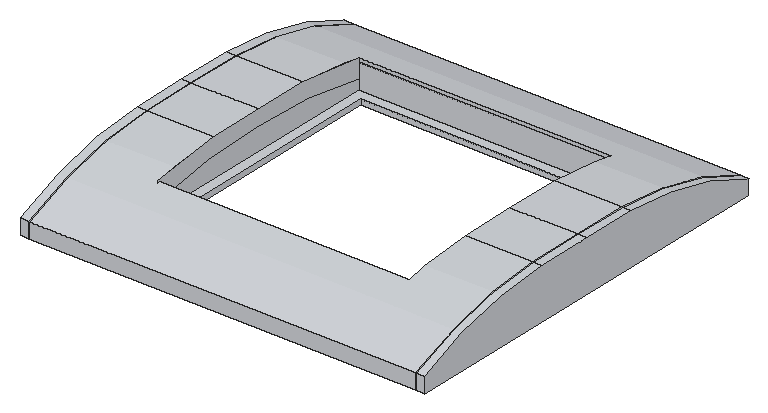
Revit family "Gira_1002326", category Electrical Fixtures, host Face, Revit 2017
Family settings
  Host = Face
  Maintain Annotation Orientation = No
  Round Connector Dimension = Use Diameter
  Part Type = Normal
  Cut with Voids When Loaded = No
  Shared = No
  Room Calculation Point = No
Parameters (values of type "Abdeckrahmen 2f o.M. Zwischenr. RW Gira Event F Alu")
  Werkstoffgüte = "Thermoplast"
  Werkstoff = "Kunststoff"
  URL = "http://katalog.gira.de/de_DE/datenblatt.html?artikelnr=1002326"
  Transparent = "No"
  Textfeld/Beschriftungsfläche = "No"
  Schutzart (IP) = "IP20"
  Region = "DE"
  Oberfläche = "sonstige"
  Name = "Abdeckrahmen 2f o.M. Zwischenr. RW Gira Event F Alu"
  Montagerichtung = "horizontal und vertikal"
  Mit Montagerahmen = "No"
  Mit Klappdeckel = "No"
  Manufacturer URL = "https://www.gira.de/"
  Keynote = "Event_Rahmen_2fach o.Mittelsteg"
  HeinzeBIM = "https://bimportal.heinze.de/bim/abdeckrahmen-2f-o-m-zwischenr-rw-gira-event-f-alu/4186162f63d055e7033b40733a44ace57943f3c8"
  Halogenfrei = "Yes"
  HAN = "1002326"
  Geeignet für Unterputz-Installation = "Yes"
  Geeignet für Unterflurkanaldose = "No"
  Geeignet für Geräteeinbaukanal = "No"
  Geeignet für Einbauinstallation = "No"
  GTIN = "4010337074373"
  Farbe = "aluminium"
  Default Elevation = 1219.2 mm
  Data sheet (1) = "https://katalog.gira.de/de_DE/download.html?artikelnr=1002326"
  Category = "Abdeckrahmen"
  Befestigungsart = "Klemmbefestigung"
  Available = "Yes"
  Ausführung der Oberfläche = "glänzend"
  Anzahl der Einheiten vertikal = "2 "
  Anzahl der Einheiten horizontal = "2 "
  Anzahl der Einheiten = "2 "
Reference planes
  plane 1 "Center (Front/Back)": y = 0
  plane 2: z = 0
  plane 3 "Center (Left/Right)": x = 0
Forms (mm)
  Extrusion 1, solid, detail levels fine
    sketch origin (0, 0, 1.55) x (0, 1, 0) y (0, 0, 1)
      loop
        arc (12.445, 9.683) -> (6.223, 9.833) -> (0, 9.85) r 291.636
        arc (0, 9.85) -> (-6.223, 9.833) -> (-12.445, 9.683) r 291.636
        arc (-12.445, 9.683) -> (-29.14, 7.482) -> (-45, 1.823) r 79.728
        line (-45, 1.823) -> (-45, -1.55) -> (-41.777, -1.55) -> (-41.777, -0.55)
        arc (-41.777, -0.55) -> (-21.205, 4.846) -> (0, 6.467) r 118.15
        arc (0, 6.467) -> (21.205, 4.846) -> (41.777, -0.55) r 118.15
        line (41.777, -0.55) -> (41.777, -1.55) -> (45, -1.55) -> (45, 1.823)
        arc (45, 1.823) -> (29.14, 7.482) -> (12.445, 9.683) r 79.728
    from -43 to 43
  Extrusion 2, void, detail levels fine
    sketch origin (0, 0, 0) x (1, 0, 0) y (0, 1, 0)
      loop
        line (-28, -28) -> (28, -28) -> (28, 28) -> (-28, 28) -> (-28, -28)
    from 2.85 to 12
  Extrusion 3, solid, detail levels coarse
    sketch origin (0, 0, 0) x (1, 0, 0) y (0, 1, 0)
      loop
        line (-45, 45) -> (-45, -45) -> (45, -45) -> (45, 45) -> (-45, 45)
    from 0 to 11.4
  Extrusion 4, solid, detail levels medium
    sketch origin (0, 0, 1.55) x (0, 1, 0) y (0, 0, 1)
      loop
        arc (12.445, 9.683) -> (6.223, 9.833) -> (0, 9.85) r 291.636
        arc (0, 9.85) -> (-6.223, 9.833) -> (-12.445, 9.683) r 291.636
        arc (-12.445, 9.683) -> (-29.14, 7.482) -> (-45, 1.823) r 79.728
        line (-45, 1.823) -> (-45, -1.55) -> (45, -1.55) -> (45, 1.823)
        arc (45, 1.823) -> (29.14, 7.482) -> (12.445, 9.683) r 79.728
    from -45 to 45
  Extrusion 5, solid, detail levels fine
    sketch origin (0, 0, 0) x (0, 1, 0) y (0, 0, 1)
      loop
        arc (45, 3.373) -> (29.14, 9.032) -> (12.445, 11.233) r 79.728
        arc (12.445, 11.233) -> (6.223, 11.383) -> (0, 11.4) r 291.636
        arc (0, 11.4) -> (-6.223, 11.383) -> (-12.445, 11.233) r 291.636
        arc (-12.445, 11.233) -> (-29.14, 9.032) -> (-45, 3.373) r 79.728
        line (-45, 3.373) -> (-45, 0) -> (45, 0) -> (45, 3.373)
    from 43 to 45
  Extrusion 6, solid, detail levels fine
    sketch origin (0, 0, 0) x (0, 1, 0) y (0, 0, -1)
      loop
        line (45, -3.373) -> (45, 0) -> (-45, 0) -> (-45, -3.373)
        arc (-45, -3.373) -> (-29.14, -9.032) -> (-12.445, -11.233) r 79.728
        arc (-12.445, -11.233) -> (-6.223, -11.383) -> (0, -11.4) r 291.636
        arc (0, -11.4) -> (6.223, -11.383) -> (12.445, -11.233) r 291.636
        arc (12.445, -11.233) -> (29.14, -9.032) -> (45, -3.373) r 79.728
    from 43 to 45
  Extrusion 7, solid, detail levels fine
    sketch origin (0, 0, 0) x (1, 0, 0) y (0, 1, 0)
      loop
        line (-25.7, 25.7) -> (-25.7, -25.7) -> (25.7, -25.7) -> (25.7, 25.7) -> (-25.7, 25.7)
      loop
        line (-29.495, 27.895) -> (-29.495, -27.895)
        spline (-29.495, -27.895) -> (-29.486, -28.025) -> (-29.461, -28.154) -> (-29.419, -28.278) -> (-29.361, -28.395) -> (-29.288, -28.504) -> (-29.202, -28.602) -> (-29.104, -28.688) -> (-28.995, -28.761) -> (-28.878, -28.819) -> (-28.754, -28.861) -> (-28.625, -28.886) -> (-28.495, -28.895)
        line (-28.495, -28.895) -> (28.495, -28.895)
        spline (28.495, -28.895) -> (28.625, -28.886) -> (28.754, -28.861) -> (28.878, -28.819) -> (28.995, -28.761) -> (29.104, -28.688) -> (29.202, -28.602) -> (29.288, -28.504) -> (29.361, -28.395) -> (29.419, -28.278) -> (29.461, -28.154) -> (29.486, -28.025) -> (29.495, -27.895)
        line (29.495, -27.895) -> (29.495, 27.895)
        spline (29.495, 27.895) -> (29.486, 28.025) -> (29.461, 28.154) -> (29.419, 28.278) -> (29.361, 28.395) -> (29.288, 28.504) -> (29.202, 28.602) -> (29.104, 28.688) -> (28.995, 28.761) -> (28.878, 28.819) -> (28.754, 28.861) -> (28.625, 28.886) -> (28.495, 28.895)
        line (28.495, 28.895) -> (-28.495, 28.895)
        spline (-28.495, 28.895) -> (-28.625, 28.886) -> (-28.754, 28.861) -> (-28.878, 28.819) -> (-28.995, 28.761) -> (-29.104, 28.688) -> (-29.202, 28.602) -> (-29.288, 28.504) -> (-29.361, 28.395) -> (-29.419, 28.278) -> (-29.461, 28.154) -> (-29.486, 28.025) -> (-29.495, 27.895)
    from 1.673 to 8.5
Cuts and joins
  Extrusion 2 cuts Extrusion 1
  Extrusion 2 cuts Extrusion 7
Dimensions and locks
  aligned and locked: plane 2 to host face
  aligned and locked: level to host face
